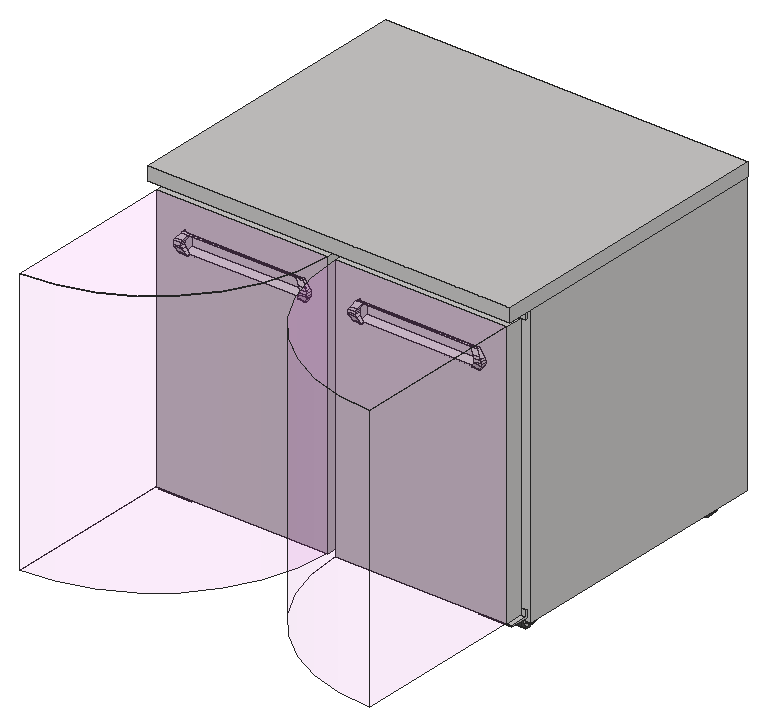
Revit family "Qf_Kelvinator_738331_KCHUC36R-32_2-Door_Under_Counter_Refrigerator_36_Long_32.5_Tall", category Specialty Equipment, Revit 2021
Family settings
  Round Connector Dimension = Use Diameter
  Part Type = Normal
  Work Plane-Based = No
  Always vertical = Yes
  Cut with Voids When Loaded = No
  Shared = No
  Room Calculation Point = No
Parameters
  Weight in Pounds = 174.165
  Watts = if(Phase = 3, Volts * FL Amps * 1.73, Volts * FL Amps)  # 230 W
  Volts = 115 V
  URL Cutsheet = ""
  Specification by User = ""
  Specification by Manufacturer = ""
  Show Clearance [instance] = yes
  Serial Number = ""
  Seismic Rating = ""
  SMACNA No = ""
  Revision Code = ""
  Refrigerant Type = "R600a"
  Phase = 1
  Number of Poles = 1
  NAFEM Spec ID Number = ""
  Model = "738331 (KCHUC36R-32)"
  Min Ckt Ampacity = 0 A
  Max Overcurrent Protection = 0 A
  Masterspec = ""
  Manufacturer = "Kelvinator Commercial"
  Length = 36 7/16"
  Item Number = "738331"
  Installed By = ""
  Identify Quantity as Lot = yes
  Height = 32 1/16"
  HP = "1/10"
  Furnished By = ""
  Foodservice Equipment Identifier = yes
  FL Amps = 2 A
  Electrical Remarks = ""
  Electric Connection Type = ""
  Elec Conn RI Height = 0"
  Elec Conn Connection Height = 0"
  Description = "2-Door Under Counter Refrigerator 36\" Long 32.5\" Tall"
  Depth = 29 15/16"
  Default Elevation = 0"
  Cycle = 60 Hz
  Conn Plug = "5-15P"
  Conn Conduit = yes
  CSI MasterFormat = ""
  Apparent Power = if(Phase = 3, Volts * FL Amps * 1.73, Volts * FL Amps)  # 230 VA
Reference planes (in)
  plane 1 "BACK": y = 0
  plane 2: z = 0
  plane 3 "LEFT": x = 0
  plane 4 "RIGHT": x = 36.41732
  plane 5 "FRONT": y = -29.92126
  plane 6 "TOP": z = 32.0625
  plane 7 "Center Y": x = 18.20866
  plane 8 "Center X": y = -14.96063
  plane 9 "Base Height": z = 2.3622
  plane 10: x = 36.4375
  plane 11: y = -29.9375
  plane 12: z = 32.0625
Forms (in)
  Extrusion 1, solid, material "QF_Metal - Stainless - Polished"
    sketch origin (0, 0, 32.0625) x (-1, 0, 0) y (0, -1, 0)
      loop
        line (0, 0) -> (0, 29.9375) -> (-36.4375, 29.9375) -> (-36.4375, 0) -> (0, 0)
    from 0 to -1.37795
  Extrusion 2, solid, material "QF_Metal - Stainless - Polished"
    sketch origin (36.4375, 0, 32.0625) x (0, -1, 0) y (0, 0, -1)
      loop
        line (0, 1.37795) -> (27.19734, 1.37795) -> (27.19734, 29.72441) -> (11.81102, 29.72441) -> (11.81102, 20.19685) -> (0, 20.19685) -> (0, 1.37795)
    from -2.30315 to -34.11417
  Extrusion 3, solid, material "QF_Metal - Stainless - Polished"
    sketch origin (0, 0, 0) x (1, 0, 0) y (0, 0, 1)
      loop
        line (2.30315, 2.3622) -> (2.30315, 30.68455) -> (0.09843, 30.68455) -> (0.09843, 2.3622) -> (2.30315, 2.3622)
      loop
        line (36.3189, 30.68455) -> (34.11417, 30.68455) -> (34.11417, 2.3622) -> (36.3189, 2.3622) -> (36.3189, 30.68455)
    from 0 to 27.1811
  Extrusion 4, solid, material "QF_Metal - Stainless - Polished"
    sketch origin (0, 0, 0) x (0, 1, 0) y (0, 0, 1)
      loop
        arc (-27.1811, 30.18848) -> (-27.23876, 30.32768) -> (-27.37795, 30.38533) r 0.19685
        line (-27.37795, 30.38533) -> (-29.08661, 30.38533) -> (-29.08661, 30.26722) -> (-27.29921, 30.26722) -> (-27.29921, 29.6373) -> (-27.1811, 29.6373) -> (-27.1811, 30.18848)
    from 0.45276 to 3.75984
  Extrusion 5, solid, material "QF_Metal - Stainless - Polished"
    sketch origin (0, -27.1811, 0) x (1, 0, 0) y (0, 0, 1)
      loop
        line (17.81496, 29.93652) -> (0.61024, 29.93652) -> (0.61024, 3.16929) -> (17.81496, 3.16929) -> (17.81496, 29.93652)
      loop
        line (18.60236, 29.93652) -> (18.60236, 3.16929) -> (35.80709, 3.16929) -> (35.80709, 29.93652) -> (18.60236, 29.93652)
    from 0.61024 to 2.3937
  Revolve 6, solid, material "QF_Metal - Stainless - Polished"
    sketch origin (1.20079, -180, 31.37695) x (0, 0, 1) y (0, -1, 0)
      loop
        line (-1.44043, -151.31693) -> (-1.44043, -151.45472) -> (-0.99161, -151.45472)
        arc (-0.99161, -151.45472) -> (-0.95643, -151.44015) -> (-0.94186, -151.40497) r 0.04975
        line (-0.94186, -151.40497) -> (-0.94186, -151.31693) -> (-1.44043, -151.31693)
      axis (-0.94186, -151.31693) -> (-1.44043, -151.31693)
    angle from 0 to 360
  Extrusion 7, solid, material "QF_Metal - Stainless - Polished"
    sketch origin (36.41732, 0, 0) x (0, 1, 0) y (0, 0, -1)
      loop
        line (-27.1811, -30.18848) -> (-27.1811, -29.6373) -> (-27.29921, -29.6373) -> (-27.29921, -30.26722) -> (-29.08661, -30.26722) -> (-29.08661, -30.38533) -> (-27.37795, -30.38533)
        arc (-27.37795, -30.38533) -> (-27.23876, -30.32768) -> (-27.1811, -30.18848) r 0.19685
    from 0.45276 to 3.75984
  Revolve 8, solid, material "QF_Metal - Stainless - Polished"
    sketch origin (35.21654, -180, 31.37695) x (0, 0, 1) y (0, 1, 0)
      loop
        line (-1.44043, 151.31693) -> (-0.94186, 151.31693) -> (-0.94186, 151.40497)
        arc (-0.94186, 151.40497) -> (-0.95643, 151.44015) -> (-0.99161, 151.45472) r 0.04975
        line (-0.99161, 151.45472) -> (-1.44043, 151.45472) -> (-1.44043, 151.31693)
      axis (-0.94186, 151.31693) -> (-1.44043, 151.31693)
    angle from 0 to 360
  Extrusion 9, solid, material "QF_Metal - Stainless - Polished"
    sketch origin (0, 0, 33.12992) x (0, 1, 0) y (0, 0, 1)
      loop
        line (-27.1811, -30.2126) -> (-27.1811, -29.66142) -> (-27.29921, -29.66142) -> (-27.29921, -30.29134) -> (-29.08661, -30.29134) -> (-29.08661, -30.40945) -> (-27.37795, -30.40945)
        arc (-27.37795, -30.40945) -> (-27.23876, -30.35179) -> (-27.1811, -30.2126) r 0.19685
    from 0.45276 to 3.75984
  Revolve 10, solid, material "QF_Metal - Stainless - Polished"
    sketch origin (1.20079, -180, 1.75298) x (0, 0, -1) y (0, 1, 0)
      loop
        line (-1.41632, 151.31693) -> (-0.91774, 151.31693) -> (-0.91774, 151.40497)
        arc (-0.91774, 151.40497) -> (-0.93232, 151.44015) -> (-0.9675, 151.45472) r 0.04975
        line (-0.9675, 151.45472) -> (-1.41632, 151.45472) -> (-1.41632, 151.31693)
      axis (-0.91774, 151.31693) -> (-1.41632, 151.31693)
    angle from 0 to 360
  Extrusion 11, solid, material "QF_Metal - Stainless - Polished"
    sketch origin (36.41732, 0, 33.12992) x (0, 1, 0) y (0, 0, -1)
      loop
        arc (-27.1811, 30.2126) -> (-27.23876, 30.35179) -> (-27.37795, 30.40945) r 0.19685
        line (-27.37795, 30.40945) -> (-29.08661, 30.40945) -> (-29.08661, 30.29134) -> (-27.29921, 30.29134) -> (-27.29921, 29.66142) -> (-27.1811, 29.66142) -> (-27.1811, 30.2126)
    from 0.45276 to 3.75984
  Revolve 12, solid, material "QF_Metal - Stainless - Polished"
    sketch origin (35.21654, -180, 1.75298) x (0, 0, -1) y (0, -1, 0)
      loop
        line (-1.41632, -151.31693) -> (-1.41632, -151.45472) -> (-0.9675, -151.45472)
        arc (-0.9675, -151.45472) -> (-0.93232, -151.44015) -> (-0.91774, -151.40497) r 0.04975
        line (-0.91774, -151.40497) -> (-0.91774, -151.31693) -> (-1.41632, -151.31693)
      axis (-0.91774, -151.31693) -> (-1.41632, -151.31693)
    angle from 0 to 360
  Extrusion 13, void
    sketch origin (0.61024, -27.1811, 3.16929) x (0, 0, 1) y (0, 1, 0)
      loop
        line (24.02707, -2.3937) -> (24.64805, -2.10413) -> (24.64805, -1.51358) -> (22.3486, -1.51358) -> (22.11277, -2.3937) -> (22.11277, -2.89858) -> (24.02707, -2.89858) -> (24.02707, -2.3937)
    from -2.84232 to -14.79941
  Extrusion 14, solid, material "QF_Metal - Stainless - Polished"
    sketch origin (0.61024, -27.1811, 3.16929) x (0, 0, 1) y (0, 1, 0)
      loop
        arc (23.19749, -2.88583) -> (23.3123, -2.87427) -> (23.4225, -2.84005) r 0.57588
        line (23.4225, -2.84005) -> (23.98155, -2.60275)
        arc (23.98155, -2.60275) -> (24.01481, -2.5711) -> (24.02707, -2.52684) r 0.08605
        line (24.02707, -2.52684) -> (24.02707, -2.3937) -> (22.05856, -2.3937) -> (22.05856, -2.52684)
        arc (22.05856, -2.52684) -> (22.07082, -2.5711) -> (22.10408, -2.60275) r 0.08605
        line (22.10408, -2.60275) -> (22.66311, -2.84004)
        arc (22.66311, -2.84004) -> (22.77333, -2.87426) -> (22.88816, -2.88583) r 0.57598
        line (22.88816, -2.88583) -> (23.19749, -2.88583)
    from -2.08661 to -15.55512
  Extrusion 15, void
    sketch origin (0, -29.5748, 0) x (1, 0, 0) y (0, 0, 1)
      loop
        arc (3.06002, 25.27474) -> (3.09731, 25.24033) -> (3.1465, 25.22785) r 0.10321
        line (3.1465, 25.22785) -> (3.87833, 25.22785)
        arc (3.87833, 25.22785) -> (3.90778, 25.24539) -> (3.9064, 25.27963) r 0.0335
        line (3.9064, 25.27963) -> (3.54363, 25.83666)
        arc (3.54363, 25.83666) -> (3.47581, 25.98342) -> (3.45256, 26.14341) r 0.5621
        line (3.45256, 26.14341) -> (3.45256, 26.26603)
        arc (3.45256, 26.26603) -> (3.46785, 26.36539) -> (3.51232, 26.45557) r 0.33045
        line (3.51232, 26.45557) -> (3.92503, 27.04498)
        arc (3.92503, 27.04498) -> (3.99539, 27.10668) -> (4.08628, 27.12892) r 0.19685
        line (4.08628, 27.12892) -> (14.77592, 27.12892)
        arc (14.77592, 27.12892) -> (14.86682, 27.10668) -> (14.93717, 27.04498) r 0.19685
        line (14.93717, 27.04498) -> (15.34989, 26.45557)
        arc (15.34989, 26.45557) -> (15.39435, 26.36539) -> (15.40965, 26.26603) r 0.33045
        line (15.40965, 26.26603) -> (15.40965, 26.14341)
        arc (15.40965, 26.14341) -> (15.3864, 25.98342) -> (15.31857, 25.83666) r 0.5621
        line (15.31857, 25.83666) -> (14.95581, 25.27963)
        arc (14.95581, 25.27963) -> (14.95443, 25.24539) -> (14.98388, 25.22785) r 0.0335
        line (14.98388, 25.22785) -> (15.7157, 25.22785)
        arc (15.7157, 25.22785) -> (15.76489, 25.24033) -> (15.80219, 25.27474) r 0.10321
        line (15.80219, 25.27474) -> (16.09437, 25.7234)
        arc (16.09437, 25.7234) -> (16.1442, 25.83769) -> (16.15402, 25.96198) r 0.37698
        line (16.15402, 25.96198) -> (16.13067, 26.22889)
        arc (16.13067, 26.22889) -> (16.11058, 26.31948) -> (16.06774, 26.40178) r 0.35543
        line (16.06774, 26.40178) -> (15.56744, 27.11628)
        arc (15.56744, 27.11628) -> (15.50032, 27.17514) -> (15.41361, 27.19636) r 0.1878
        line (15.41361, 27.19636) -> (3.4486, 27.19636)
        arc (3.4486, 27.19636) -> (3.36188, 27.17514) -> (3.29476, 27.11627) r 0.1878
        line (3.29476, 27.11627) -> (2.79447, 26.40178)
        arc (2.79447, 26.40178) -> (2.75162, 26.31948) -> (2.73154, 26.22889) r 0.35543
        line (2.73154, 26.22889) -> (2.70819, 25.96198)
        arc (2.70819, 25.96198) -> (2.71801, 25.83769) -> (2.76783, 25.7234) r 0.37698
        line (2.76783, 25.7234) -> (3.06002, 25.27474)
      loop
        line (2.34034, 27.68437) -> (2.34034, 24.80641) -> (16.50464, 24.80641) -> (16.50464, 27.68437) -> (2.34034, 27.68437)
      loop
        line (33.3573, 25.27474) -> (33.64949, 25.7234)
        arc (33.64949, 25.7234) -> (33.69931, 25.83769) -> (33.70914, 25.96198) r 0.37698
        line (33.70914, 25.96198) -> (33.68578, 26.22889)
        arc (33.68578, 26.22889) -> (33.6657, 26.31948) -> (33.62286, 26.40178) r 0.35543
        line (33.62286, 26.40178) -> (33.12256, 27.11627)
        arc (33.12256, 27.11627) -> (33.05544, 27.17514) -> (32.96872, 27.19636) r 0.1878
        line (32.96872, 27.19636) -> (21.00371, 27.19636)
        arc (21.00371, 27.19636) -> (20.917, 27.17514) -> (20.84988, 27.11628) r 0.1878
        line (20.84988, 27.11628) -> (20.34958, 26.40178)
        arc (20.34958, 26.40178) -> (20.30674, 26.31948) -> (20.28666, 26.22889) r 0.35543
        line (20.28666, 26.22889) -> (20.26331, 25.96198)
        arc (20.26331, 25.96198) -> (20.27313, 25.83769) -> (20.32295, 25.7234) r 0.37698
        line (20.32295, 25.7234) -> (20.61514, 25.27474)
        arc (20.61514, 25.27474) -> (20.65243, 25.24033) -> (20.70162, 25.22785) r 0.10321
        line (20.70162, 25.22785) -> (21.43345, 25.22785)
        arc (21.43345, 25.22785) -> (21.46289, 25.24539) -> (21.46152, 25.27963) r 0.0335
        line (21.46152, 25.27963) -> (21.09875, 25.83666)
        arc (21.09875, 25.83666) -> (21.03093, 25.98342) -> (21.00768, 26.14341) r 0.5621
        line (21.00768, 26.14341) -> (21.00768, 26.26603)
        arc (21.00768, 26.26603) -> (21.02297, 26.36539) -> (21.06744, 26.45557) r 0.33045
        line (21.06744, 26.45557) -> (21.48015, 27.04498)
        arc (21.48015, 27.04498) -> (21.5505, 27.10668) -> (21.6414, 27.12892) r 0.19685
        line (21.6414, 27.12892) -> (32.33104, 27.12892)
        arc (32.33104, 27.12892) -> (32.42194, 27.10668) -> (32.49229, 27.04498) r 0.19685
        line (32.49229, 27.04498) -> (32.905, 26.45557)
        arc (32.905, 26.45557) -> (32.94947, 26.36539) -> (32.96477, 26.26603) r 0.33045
        line (32.96477, 26.26603) -> (32.96477, 26.14341)
        arc (32.96477, 26.14341) -> (32.94152, 25.98342) -> (32.87369, 25.83666) r 0.5621
        line (32.87369, 25.83666) -> (32.51093, 25.27963)
        arc (32.51093, 25.27963) -> (32.50955, 25.24539) -> (32.53899, 25.22785) r 0.0335
        line (32.53899, 25.22785) -> (33.27082, 25.22785)
        arc (33.27082, 25.22785) -> (33.32001, 25.24033) -> (33.3573, 25.27474) r 0.10321
      loop
        line (34.07698, 27.68437) -> (19.91268, 27.68437) -> (19.91268, 24.80641) -> (34.07698, 24.80641) -> (34.07698, 27.68437)
    from 0 to 0.84096
  Extrusion 16, void
    sketch origin (35.80709, -27.1811, 30.40945) x (0, 0, 1) y (0, -1, 0)
      loop
        line (-3.21309, 2.3937) -> (-3.21309, 2.89858) -> (-5.12739, 2.89858) -> (-5.12739, 2.3937) -> (-4.89156, 1.51358) -> (-2.59211, 1.51358) -> (-2.59211, 2.10413) -> (-3.21309, 2.3937)
    from -2.84232 to -14.79941
  Extrusion 17, solid, material "QF_Metal - Stainless - Polished"
    sketch origin (35.80709, -27.1811, 3.16929) x (0, 0, 1) y (0, -1, 0)
      loop
        line (23.98155, 2.60275) -> (23.4225, 2.84005)
        arc (23.4225, 2.84005) -> (23.3123, 2.87427) -> (23.19749, 2.88583) r 0.57588
        line (23.19749, 2.88583) -> (22.88816, 2.88583)
        arc (22.88816, 2.88583) -> (22.77333, 2.87426) -> (22.66311, 2.84004) r 0.57598
        line (22.66311, 2.84004) -> (22.10408, 2.60275)
        arc (22.10408, 2.60275) -> (22.07082, 2.5711) -> (22.05856, 2.52684) r 0.08605
        line (22.05856, 2.52684) -> (22.05856, 2.3937) -> (24.02707, 2.3937) -> (24.02707, 2.52684)
        arc (24.02707, 2.52684) -> (24.01481, 2.5711) -> (23.98155, 2.60275) r 0.08605
    from -2.08661 to -15.55512
  Extrusion 18, solid, material "QF_Metal - Stainless - Polished"
    sketch origin (0.09843, 0, 2.3622) x (0, 0, 1) y (0, 1, 0)
      loop
        line (0, -11.81102) -> (0, 0) -> (-0.70866, 0) -> (-0.70866, -0.31496) -> (-0.64961, -0.31496) -> (-0.64961, -0.05906) -> (-0.05906, -0.05906) -> (-0.05906, -11.75197) -> (-0.64961, -11.75197) -> (-0.64961, -11.49606) -> (-0.70866, -11.49606) -> (-0.70866, -11.81102) -> (0, -11.81102)
    from -0.94882 to -35.27165
  Extrusion 19, solid, material "QF_Metal - Stainless - Polished"
    sketch origin (0, 0, 0) x (-1, 0, 0) y (0, 0, 1)
      loop
        line (-2.30315, 11.88976) -> (-34.11417, 11.88976) -> (-34.11417, 2.3622) -> (-2.30315, 2.3622) -> (-2.30315, 11.88976)
    from 0 to -0.0626
  Extrusion 20, solid, material "QF_Rubber - Black - Smooth"
    sketch origin (0, 0, 0) x (-1, 0, 0) y (0, 0, 1)
      loop
        circle (-32.48031, 10.77165) r 0.25
    from 0 to 0.0626
  Extrusion 21, solid, material "QF_Clearances_Door_Drawer", visible <- "Show Clearance"
    sketch origin (14.06858, -27.1811, 3.16929) x (0, -1, 0) y (-1, 0, 0)
      loop
        line (2.3937, -4.53378) -> (2.3937, -21.73851) -> (19.59843, -21.73851)
        arc (19.59843, -21.73851) -> (14.55928, -9.57293) -> (2.3937, -4.53378) r 17.20472
      loop
        arc (2.3937, -3.74638) -> (14.55928, 1.29277) -> (19.59843, 13.45834) r 17.20472
        line (19.59843, 13.45834) -> (2.3937, 13.45834) -> (2.3937, -3.74638)
    from 0 to -26.79134
  Extrusion 22, solid, material "QF_Rubber - Black - Smooth"
    sketch origin (0, -27.79134, 0) x (-1, 0, 0) y (0, 0, 1)
      loop
        line (-1.11024, 29.43652) -> (-17.31496, 29.43652) -> (-17.31496, 3.66929) -> (-1.11024, 3.66929) -> (-1.11024, 29.43652)
      loop
        line (-35.30709, 29.43652) -> (-35.30709, 3.66929) -> (-19.10236, 3.66929) -> (-19.10236, 29.43652) -> (-35.30709, 29.43652)
    from 0 to 0.61024
Cuts and joins
  joined: Extrusion 2, Extrusion 3
  Extrusion 13, Extrusion 16 cuts Extrusion 5
  Extrusion 15, Extrusion 16 cuts Extrusion 14
  Extrusion 15 cuts Extrusion 17
Lines and regions (in)
  symbolic lines
    curve 1: line (0, 0, 32.0625) -> (36.4375, 0, 32.0625)
    curve 2: line (0, -29.9375, 32.0625) -> (0, 0, 32.0625)
    curve 3: line (36.4375, -29.9375, 32.0625) -> (0, -29.9375, 32.0625)
    curve 4: line (36.4375, 0, 32.0625) -> (36.4375, -29.9375, 32.0625)
  symbolic lines, style "QF_Clearances_Door_Drawer", visible <- "Show Clearance"
    curve 5: line (35.17888, -29.9375, 32.0625) -> (20.90736, -38.17717, 32.0625)
    curve 6: arc (20.90736, -38.17717, 32.0625) -> (19.23646, -34.20264, 32.0625) -> (18.60619, -29.9375, 32.0625) r 17.20472
    curve 7: line (1.23845, -29.9375, 32.0625) -> (15.50996, -38.17717, 32.0625)
    curve 8: arc (15.50996, -38.17717, 32.0625) -> (17.18086, -34.20264, 32.0625) -> (17.81114, -29.9375, 32.0625) r 17.20472
Dimensions and locks (in)
  equal spacing: plane 3 "LEFT", plane 7 "Center Y", plane 4 "RIGHT"
  plane 3 "LEFT" to plane 4 "RIGHT" = 36.41732"
  equal spacing: plane 5 "FRONT", plane 8 "Center X", plane 1 "BACK"
  plane 5 "FRONT" to plane 1 "BACK" = 29.92126"
  plane 6 "TOP" to level = 32 1/16"
  plane 9 "Base Height" to level = 2.3622"
  plane 6 "TOP" to plane 9 "Base Height" = 29.7003"
  plane 3 "LEFT" to plane 10 = 36 7/16"
  plane 11 to plane 1 "BACK" = 29 15/16"
  plane 12 to level = 32 1/16"
  aligned and locked: level to plane 2
Automatic sketch dimensions
  plane 1 "BACK" to Extrusion 1 sketch curve = 0"
  Extrusion 1 sketch curve to plane 4 "RIGHT" = 0.02018"
  Extrusion 1 sketch curve to plane 3 "LEFT" = 0"
  plane 5 "FRONT" to Extrusion 1 sketch curve = 0.01624"
  Extrusion 2 sketch curve to Extrusion 1 = 0"  (x2)
  Extrusion 1 to Extrusion 2 sketch curve = 11.81102"
  Extrusion 1 to Extrusion 2 sketch curve = 2.74016"
  Extrusion 2 sketch curve to Extrusion 1 = 18.8189"
  Extrusion 2 sketch curve to Extrusion 2 sketch curve = 9.52756"
  Extrusion 3 sketch curve to plane 9 "Base Height" = 0"  (x2)
  plane 3 "LEFT" to Extrusion 3 sketch curve = 0.09843"
  Extrusion 3 sketch curve to Extrusion 3 sketch curve = 2.20472"
  plane 4 "RIGHT" to Extrusion 3 sketch curve = 2.30315"
  plane 4 "RIGHT" to Extrusion 3 sketch curve = 0.09843"
  Extrusion 3 sketch curve to plane 6 "TOP" = 1.37795"  (x2)
  Extrusion 4 sketch curve to plane 5 "FRONT" = 0.83465"
  Extrusion 4 sketch curve to Extrusion 4 sketch curve = 1.70866"
  Extrusion 4 sketch curve to Extrusion 4 sketch curve = 0.07874"
  Extrusion 4 sketch curve to Extrusion 4 sketch curve = 0.11811"  (x2)
  Extrusion 4 sketch curve to plane 6 "TOP" = 2.4252"
  Extrusion 4 sketch curve to Extrusion 4 sketch curve = 0.55118"
  Extrusion 5 sketch curve to Extrusion 3 = 0.51181"  (x2)
  Extrusion 5 sketch curve to Extrusion 3 = 0.74803"  (x2)
  Extrusion 3 to Extrusion 5 sketch curve = 15.51181"
  Extrusion 5 sketch curve to Extrusion 5 sketch curve = 0.7874"
  Extrusion 5 sketch curve to Extrusion 3 = 0.80709"
  Extrusion 5 sketch curve to Extrusion 5 sketch curve = 0"
  Revolve 6 sketch curve to plane 6 "TOP" = 2.12598"
  Revolve 6 sketch curve to Revolve 6 sketch curve = 0.44882"
  Revolve 6 sketch curve to Revolve 6 sketch curve = 0.04975"
  Revolve 6 sketch curve to plane 5 "FRONT" = 1.37598"
  Revolve 6 sketch curve to Revolve 6 sketch curve = 0.1378"
  Revolve 6 sketch curve to Revolve 6 sketch curve = 0.68421"
  Revolve 6 sketch curve to Revolve 6 sketch curve = 0"  (x2)
  Extrusion 7 sketch curve to plane 5 "FRONT" = 0.83465"
  Extrusion 7 sketch curve to Extrusion 7 sketch curve = 1.70866"
  Extrusion 7 sketch curve to Extrusion 7 sketch curve = 0.07874"  (x2)
  Extrusion 7 sketch curve to Extrusion 7 sketch curve = 0.11811"
  Extrusion 7 sketch curve to plane 6 "TOP" = 1.67717"
  Extrusion 7 sketch curve to Extrusion 7 sketch curve = 0.55118"
  Revolve 8 sketch curve to plane 6 "TOP" = 2.12598"
  Revolve 8 sketch curve to Revolve 8 sketch curve = 0.44882"
  Revolve 8 sketch curve to Revolve 8 sketch curve = 0.04975"
  Revolve 8 sketch curve to plane 5 "FRONT" = 1.23819"
  Revolve 8 sketch curve to Revolve 8 sketch curve = 0.08804"
  Revolve 8 sketch curve to Revolve 8 sketch curve = 0.68421"
  Revolve 8 sketch curve to Revolve 8 sketch curve = 0"  (x2)
  Extrusion 9 sketch curve to plane 5 "FRONT" = 0.83465"
  plane 9 "Base Height" to Extrusion 9 sketch curve = 0.35827"
  Extrusion 9 sketch curve to Extrusion 9 sketch curve = 1.70866"
  Extrusion 9 sketch curve to Extrusion 9 sketch curve = 0.07874"  (x2)
  Extrusion 9 sketch curve to Extrusion 9 sketch curve = 0.11811"
  Extrusion 9 sketch curve to Extrusion 9 sketch curve = 0.55118"
  plane 9 "Base Height" to Revolve 10 sketch curve = 0.80709"
  plane 9 "Base Height" to Revolve 10 sketch curve = 0.35827"
  Revolve 10 sketch curve to Revolve 10 sketch curve = 0.04975"
  Revolve 10 sketch curve to plane 5 "FRONT" = 1.23819"
  Revolve 10 sketch curve to Revolve 10 sketch curve = 0.08804"
  Revolve 10 sketch curve to Revolve 10 sketch curve = 0.68421"
  Revolve 10 sketch curve to Revolve 10 sketch curve = 0"  (x2)
  Extrusion 11 sketch curve to plane 5 "FRONT" = 0.83465"
  plane 9 "Base Height" to Extrusion 11 sketch curve = 0.35827"
  Extrusion 11 sketch curve to Extrusion 11 sketch curve = 1.70866"
  Extrusion 11 sketch curve to Extrusion 11 sketch curve = 0.07874"
  Extrusion 11 sketch curve to Extrusion 11 sketch curve = 0.11811"  (x2)
  Extrusion 11 sketch curve to Extrusion 11 sketch curve = 0.55118"
  plane 9 "Base Height" to Revolve 12 sketch curve = 0.80709"
  plane 9 "Base Height" to Revolve 12 sketch curve = 0.35827"
  Revolve 12 sketch curve to Revolve 12 sketch curve = 0.04975"
  Revolve 12 sketch curve to plane 5 "FRONT" = 1.37598"
  Revolve 12 sketch curve to Revolve 12 sketch curve = 0.1378"
  Revolve 12 sketch curve to Revolve 12 sketch curve = 0.68421"
  Revolve 12 sketch curve to Revolve 12 sketch curve = 0"  (x2)
  Extrusion 13 sketch curve to Extrusion 5 = 0"  (x2)
  Extrusion 5 to Extrusion 13 sketch curve = 4.65445"
  Extrusion 13 sketch curve to Extrusion 13 sketch curve = 0.23583"
  Extrusion 13 sketch curve to Extrusion 13 sketch curve = 1.67847"
  Extrusion 5 to Extrusion 13 sketch curve = 0.28957"
  Extrusion 13 sketch curve to Extrusion 13 sketch curve = 0.62098"
  Extrusion 13 sketch curve to Extrusion 5 = 0.50488"
  Extrusion 13 sketch curve to Extrusion 13 sketch curve = 0.59055"
  Extrusion 14 sketch curve to Extrusion 5 = 0"
  Extrusion 14 sketch curve to Extrusion 5 = 0.13314"  (x2)
  Extrusion 5 to Extrusion 14 sketch curve = 4.70866"
  Extrusion 14 sketch curve to Extrusion 5 = 0.20905"  (x2)
  Extrusion 14 sketch curve to Extrusion 14 sketch curve = 0.04552"
  Extrusion 14 sketch curve to Extrusion 5 = 0.44634"
  Extrusion 14 sketch curve to Extrusion 14 sketch curve = 0.51849"
  Extrusion 14 sketch curve to Extrusion 14 sketch curve = 0.22505"
  Extrusion 14 sketch curve to Extrusion 14 sketch curve = 0.30933"
  Extrusion 14 sketch curve to Extrusion 5 = 0.44635"
  Extrusion 14 sketch curve to Extrusion 14 sketch curve = 0.22501"
  Extrusion 14 sketch curve to Extrusion 14 sketch curve = 0.51851"
  Extrusion 14 sketch curve to Extrusion 14 sketch curve = 0.04053"
  Extrusion 14 sketch curve to Extrusion 14 sketch curve = 0.04578"
  Extrusion 16 sketch curve to plane 5 "FRONT" = 0.34646"  (x2)
  Extrusion 16 sketch curve to plane 6 "TOP" = 6.78044"
  Extrusion 16 sketch curve to Extrusion 16 sketch curve = 0.23583"
  Extrusion 16 sketch curve to Extrusion 16 sketch curve = 1.67847"
  Extrusion 16 sketch curve to Extrusion 16 sketch curve = 0.62098"
  Extrusion 16 sketch curve to plane 5 "FRONT" = 0.63603"
  Extrusion 16 sketch curve to Extrusion 16 sketch curve = 0.88012"
  plane 5 "FRONT" to Extrusion 16 sketch curve = 0.15842"
  Extrusion 15 sketch curve to Extrusion 5 = 1.7301"
  Extrusion 15 sketch curve to Extrusion 15 sketch curve = 0.36785"
  Extrusion 15 sketch curve to Extrusion 15 sketch curve = 0.02335"  (x2)
  Extrusion 15 sketch curve to Extrusion 15 sketch curve = 0.05965"  (x4)
  Extrusion 15 sketch curve to Extrusion 15 sketch curve = 0.06293"  (x4)
  Extrusion 15 sketch curve to Extrusion 15 sketch curve = 0.29218"  (x2)
  Extrusion 15 sketch curve to Extrusion 15 sketch curve = 0.37554"  (x2)
  Extrusion 15 sketch curve to Extrusion 15 sketch curve = 0.00189"  (x4)
  Extrusion 15 sketch curve to Extrusion 15 sketch curve = 0.08648"  (x4)
  Extrusion 15 sketch curve to Extrusion 15 sketch curve = 0.5003"  (x2)
  Extrusion 15 sketch curve to Extrusion 15 sketch curve = 0.15384"  (x2)
  Extrusion 15 sketch curve to Extrusion 15 sketch curve = 0.36694"  (x4)
  Extrusion 15 sketch curve to Extrusion 15 sketch curve = 0.05976"  (x4)
  Extrusion 15 sketch curve to Extrusion 15 sketch curve = 0.09108"  (x2)
  Extrusion 15 sketch curve to Extrusion 15 sketch curve = 0.33045"
  Extrusion 15 sketch curve to Extrusion 15 sketch curve = 0.3347"  (x2)
  Extrusion 15 sketch curve to Extrusion 15 sketch curve = 0.02807"  (x4)
  Extrusion 15 sketch curve to Extrusion 15 sketch curve = 0.47643"  (x2)
  Extrusion 15 sketch curve to Extrusion 15 sketch curve = 0.23164"  (x4)
  Extrusion 15 sketch curve to Extrusion 15 sketch curve = 0.16125"  (x4)
  Extrusion 15 sketch curve to Extrusion 5 = 3.03904"
  Extrusion 15 sketch curve to Extrusion 15 sketch curve = 0.07163"  (x2)
  Extrusion 15 sketch curve to Extrusion 15 sketch curve = 0.10826"  (x2)
  Extrusion 15 sketch curve to Extrusion 15 sketch curve = 0.23938"  (x2)
  Extrusion 15 sketch curve to Extrusion 15 sketch curve = 0.27069"  (x3)
  Extrusion 15 sketch curve to Extrusion 15 sketch curve = 0.47644"  (x2)
  Extrusion 15 sketch curve to Extrusion 15 sketch curve = 0.15383"  (x2)
  Extrusion 15 sketch curve to Extrusion 15 sketch curve = 0.39713"  (x2)
  Extrusion 15 sketch curve to Extrusion 15 sketch curve = 0.29115"  (x2)
  Extrusion 15 sketch curve to Extrusion 15 sketch curve = 0.3159"  (x2)
  Extrusion 15 sketch curve to Extrusion 15 sketch curve = 0.9372"
  Extrusion 15 sketch curve to Extrusion 5 = 1.31032"
  Extrusion 15 sketch curve to Extrusion 15 sketch curve = 0.35062"
  Extrusion 15 sketch curve to Extrusion 5 = 3.47605"
  Extrusion 15 sketch curve to Extrusion 15 sketch curve = 0.71968"
  Extrusion 15 sketch curve to Extrusion 5 = 5.13011"  (x2)
  Extrusion 15 sketch curve to Extrusion 15 sketch curve = 0.42145"  (x4)
  Extrusion 15 sketch curve to Extrusion 15 sketch curve = 0.0335"  (x4)
  Extrusion 15 sketch curve to Extrusion 15 sketch curve = 3/64"  (x4)
  Extrusion 15 sketch curve to Extrusion 15 sketch curve = 0.44866"  (x4)
  Extrusion 15 sketch curve to Extrusion 15 sketch curve = 0.5056"  (x4)
  Extrusion 15 sketch curve to Extrusion 15 sketch curve = 0.20572"  (x4)
  Extrusion 15 sketch curve to Extrusion 15 sketch curve = 0.26879"  (x4)
  Extrusion 15 sketch curve to Extrusion 15 sketch curve = 0.26691"  (x4)
  Extrusion 15 sketch curve to Extrusion 15 sketch curve = 0.12262"  (x4)
  Extrusion 15 sketch curve to Extrusion 15 sketch curve = 0.66605"  (x4)
  Extrusion 15 sketch curve to Extrusion 15 sketch curve = 0.55299"  (x2)
  Extrusion 15 sketch curve to Extrusion 15 sketch curve = 0.553"  (x2)
  Extrusion 15 sketch curve to Extrusion 15 sketch curve = 0.11291"  (x2)
  Extrusion 15 sketch curve to Extrusion 15 sketch curve = 0.10772"  (x2)
  Extrusion 15 sketch curve to Extrusion 15 sketch curve = 0.56809"  (x2)
  Extrusion 17 sketch curve to Extrusion 5 = 0"
  Extrusion 17 sketch curve to Extrusion 5 = 4.70866"
  Extrusion 17 sketch curve to Extrusion 5 = 0.20905"  (x2)
  Extrusion 17 sketch curve to Extrusion 17 sketch curve = 0.04552"
  Extrusion 17 sketch curve to Extrusion 17 sketch curve = 0.04053"  (x2)
  Extrusion 17 sketch curve to Extrusion 5 = 0.44634"
  Extrusion 17 sketch curve to Extrusion 17 sketch curve = 0.51849"
  Extrusion 17 sketch curve to Extrusion 17 sketch curve = 0.22505"
  Extrusion 5 to Extrusion 17 sketch curve = 0.08375"
  Extrusion 17 sketch curve to Extrusion 17 sketch curve = 0.30933"
  Extrusion 17 sketch curve to Extrusion 5 = 0.44635"
  Extrusion 17 sketch curve to Extrusion 17 sketch curve = 0.22501"
  Extrusion 17 sketch curve to Extrusion 5 = 0.13314"
  Extrusion 17 sketch curve to Extrusion 17 sketch curve = 0.51851"
  Extrusion 18 sketch curve to Extrusion 3 = 0"  (x2)
  Extrusion 18 sketch curve to Extrusion 3 = 0.05906"
  Extrusion 18 sketch curve to Extrusion 18 sketch curve = 0.59055"  (x2)
  Extrusion 3 to Extrusion 18 sketch curve = 0.05906"
  Extrusion 18 sketch curve to Extrusion 18 sketch curve = 0.05906"  (x3)
  Extrusion 18 sketch curve to Extrusion 18 sketch curve = 0.25591"  (x2)
  Extrusion 18 sketch curve to Extrusion 18 sketch curve = 11.1811"
  Extrusion 3 to Extrusion 19 sketch curve = 0"
  Extrusion 19 sketch curve to Extrusion 3 = 0"  (x2)
  Extrusion 19 sketch curve to Extrusion 3 = 9.52756"
  Extrusion 20 sketch curve to Extrusion 19 = 1.63386"
  Extrusion 20 sketch curve to Extrusion 19 = 1.11811"
  Extrusion 5 to Extrusion 21 sketch curve = 0"
  Extrusion 21 sketch curve to Extrusion 5 = 0"  (x3)
  Extrusion 5 to Extrusion 21 sketch curve = 17.20472"
  Extrusion 21 sketch curve to Extrusion 21 sketch curve = 0.7874"
  Extrusion 22 sketch curve to Extrusion 5 = 1/2"  (x8)
  plane 1 "BACK" to curve 1 = 0"
  curve 1 to plane 4 "RIGHT" = 0.02018"
  plane 5 "FRONT" to curve 5 = 0.01624"
  curve 2 to plane 3 "LEFT" = 0"
  plane 4 "RIGHT" to curve 6 = 0.61024"
  plane 7 "Center Y" to curve 5 = 2.6987"
  curve 7 to plane 7 "Center Y" = 2.6987"
  plane 3 "LEFT" to curve 8 = 0.61024"
  curve 6 to plane 5 "FRONT" = 0.34646"
  curve 8 to plane 5 "FRONT" = 0.34646"
  plane 5 "FRONT" to curve 5 = 8.25591"
  curve 7 to curve 5 = 0"
  curve 6 to curve 5 = 0.62821"
  curve 7 to curve 8 = 0.62821"
  radius of Extrusion 20 sketch curve = 1/4"
Nested families (in)
  nested 1: "2 INCHES_CASTER" at (33.44094, -2.16535, 0), type "2 INCHES_CASTER"
    with Type Mark "", Specification by User "", Revision Code "", Item Number "", Installed By "", Identify Quantity as Lot yes, Furnished By "", Foodservice Equipment Identifier yes, 2.5 Inches Caster yes
  nested 2: "2 INCHES_CASTER" at (33.44094, -25.01575, 0), type "2 INCHES_CASTER"
    with Type Mark "", Specification by User "", Revision Code "", Item Number "", Installed By "", Identify Quantity as Lot yes, Furnished By "", Foodservice Equipment Identifier yes, 2.5 Inches Caster yes
  nested 3: "2 INCHES_CASTER" at (2.97638, -2.16535, 0), type "2 INCHES_CASTER"
    with Type Mark "", Specification by User "", Revision Code "", Item Number "", Installed By "", Identify Quantity as Lot yes, Furnished By "", Foodservice Equipment Identifier yes, 2.5 Inches Caster yes
  nested 4: "2 INCHES_CASTER" at (2.97638, -25.01575, 0), type "2 INCHES_CASTER"
    with Type Mark "", Specification by User "", Revision Code "", Item Number "", Installed By "", Identify Quantity as Lot yes, Furnished By "", Foodservice Equipment Identifier yes, 2.5 Inches Caster yes
Connectors (in)
  electrical at (32.48031, 0.0626, 10.77165), driven by "Volts"
    settings: on Extrusion 20, index 1, voltage 115 V, apparent load 0 VA, apparent load phase1 0 VA, apparent load phase2 0 VA, apparent load phase3 0 VA, power factor 1, load classification "Other", number of poles 1, system type 30, power factor state 1, is connector primary yes, connector utility no, sub classification motor no, connector description "Electrical Connection"
Definition of nested family "2 INCHES_CASTER"
  Parameters (values of type "2 INCHES_CASTER")
    Weight = ""
    URL Manufacturer = ""
    URL Cutsheet = ""
    URL = ""
    Type Mark [instance] = ""
    Specification by User [instance] = ""
    Specification by Manufacturer = ""
    Serial Number = ""
    Seismic Rating = ""
    SMACNA No = ""
    Revision Code [instance] = ""
    Omniclass Number and Title = ""
    NAFEM Spec ID Number = ""
    Model = ""
    MasterSpec. = ""
    Manufacturer = ""
    Item Number [instance] = ""
    Installed By [instance] = ""
    Identify Quantity as Lot [instance] = yes
    Furnished By [instance] = ""
    Foodservice Equipment Identifier [instance] = yes
    Description = ""
    Default Elevation = 0"
    CSI MasterFormat = ""
    CSI Master Format = ""
    Assembly Code = ""
    2.5 Inches Caster [instance] = yes
  Reference planes (in)
    plane 1: z = 0
    plane 2 "RIGHT": x = 0
    plane 3 "FRONT": y = 0
    plane 4 "TOP": z = 2.30315
  Forms (in)
    Revolve 1, solid, visible <- "2.5 Inches Caster"
      sketch origin (-1.93794, 0.46818, -1.0041) x (1, 0, 0) y (0, 0, 1)
        loop
          line (0.74055, 1.86347) -> (0.74055, 1.78797) -> (0.79055, 1.73797) -> (0.85055, 1.73797) -> (0.85055, 1.6179) -> (1.235, 1.6179) -> (1.235, 1.55055) -> (1.38673, 1.46295) -> (1.4003, 1.3791) -> (1.34375, 1.3791) -> (1.34375, 1.2541) -> (1.375, 1.2541) -> (1.375, 1.0041) -> (2.48438, 1.0041) -> (2.48438, 1.2541) -> (2.51563, 1.2541) -> (2.51563, 1.3791) -> (2.45908, 1.3791) -> (2.47322, 1.46647) -> (2.62438, 1.55374) -> (2.62438, 1.6179) -> (3.04007, 1.6179) -> (3.04007, 1.73797) -> (3.10007, 1.73797) -> (3.15007, 1.78797) -> (3.15007, 1.86347) -> (0.74055, 1.86347)
        axis (0.74055, 1.86347) -> (3.15007, 1.86347)
      angle from 0 to 360
    Extrusion 2, solid, visible <- "2.5 Inches Caster"
      sketch origin (-1.93794, 1.43296, -3.41527) x (0, 1, 0) y (0, 0, 1)
        loop
          line (-0.64294, 5.3791) -> (-2.21294, 5.3791) -> (-2.21294, 5.24769) -> (-1.37414, 5.24769)
          arc (-1.37414, 5.24769) -> (-0.62115, 5.15851) -> (0.05138, 4.80832) r 2.10495
          line (0.05138, 4.80832) -> (0.12713, 4.91318)
          arc (0.12713, 4.91318) -> (-0.07255, 5.06376) -> (-0.29048, 5.18644) r 1.8753
          line (-0.29048, 5.18644) -> (-0.22239, 5.30423)
          arc (-0.22239, 5.30423) -> (-0.42936, 5.36024) -> (-0.64294, 5.3791) r 1.21859
      from 1.17357 to 2.70231
    Revolve 3, solid, visible <- "2.5 Inches Caster"
      sketch origin (0, 1.73858, -3.75) x (0, 1, 0) y (0, 0, 1)
        loop
          line (-1.73858, 5.71382) -> (-1.05793, 5.71382) -> (-1.05793, 6.05315) -> (-1.73858, 6.05315) -> (-1.73858, 5.71382)
        axis (-1.73858, 5.71382) -> (-1.73858, 6.05315)
      angle from 0 to 360
    Extrusion 4, solid, visible <- "2.5 Inches Caster"
      sketch origin (-1.98481, 1.43296, -1.7541) x (0, 1, 0) y (0, 0, 1)
        loop
          line (-2.21294, 3.71792) -> (-2.21294, 3.58652) -> (-1.94904, 3.58652)
          arc (-1.94904, 3.58652) -> (-1.56115, 3.28048) -> (-1.39241, 2.81612) r 0.90292
          arc (-1.39241, 2.81612) -> (-1.36136, 2.62044) -> (-1.29729, 2.43295) r 1.15385
          arc (-1.29729, 2.43295) -> (-0.94802, 2.21237) -> (-0.6121, 2.45278) r 0.37001
          arc (-0.6121, 2.45278) -> (-0.59625, 2.50123) -> (-0.58446, 2.55082) r 0.61695
          arc (-0.58446, 2.55082) -> (-0.36134, 2.95548) -> (0.05609, 3.15367) r 0.75313
          line (0.05609, 3.15367) -> (0.12713, 3.252)
          arc (0.12713, 3.252) -> (-0.07255, 3.40259) -> (-0.29048, 3.52526) r 1.8753
          line (-0.29048, 3.52526) -> (-0.22239, 3.64306)
          arc (-0.22239, 3.64306) -> (-0.42936, 3.69906) -> (-0.64294, 3.71792) r 1.21859
          line (-0.64294, 3.71792) -> (-2.21294, 3.71792)
      from 2.74918 to 2.90825
    Extrusion 5, solid, visible <- "2.5 Inches Caster"
      sketch origin (1.98481, 1.43296, -1.7541) x (0, 1, 0) y (0, 0, -1)
        loop
          arc (-0.58446, -2.55082) -> (-0.59625, -2.50123) -> (-0.6121, -2.45278) r 0.61695
          arc (-0.6121, -2.45278) -> (-0.94802, -2.21237) -> (-1.29729, -2.43295) r 0.37001
          arc (-1.29729, -2.43295) -> (-1.36136, -2.62044) -> (-1.39241, -2.81612) r 1.15385
          arc (-1.39241, -2.81612) -> (-1.56115, -3.28048) -> (-1.94904, -3.58652) r 0.90292
          line (-1.94904, -3.58652) -> (-2.21294, -3.58652) -> (-2.21294, -3.71792) -> (-0.64294, -3.71792)
          arc (-0.64294, -3.71792) -> (-0.42936, -3.69906) -> (-0.22239, -3.64306) r 1.21859
          line (-0.22239, -3.64306) -> (-0.29048, -3.52526)
          arc (-0.29048, -3.52526) -> (-0.07255, -3.40259) -> (0.12713, -3.252) r 1.8753
          line (0.12713, -3.252) -> (0.05609, -3.15367)
          arc (0.05609, -3.15367) -> (-0.36134, -2.95548) -> (-0.58446, -2.55082) r 0.75313
      from 2.74918 to 2.90825
  Lines and regions (in)
    symbolic lines, visible <- "2.5 Inches Caster"
      curve 1: line (0.10651, 1.59133, 0) -> (0.80944, 1.1855, 0)
      curve 2: line (-0.89349, -0.14072, 0) -> (0.10651, 1.59133, 0)
      curve 3: line (-0.19056, -0.54656, 0) -> (-0.89349, -0.14072, 0)
      curve 4: line (0.80944, 1.1855, 0) -> (-0.19056, -0.54656, 0)
  Dimensions and locks (in)
    plane 4 "TOP" to level = 2.30315"  (x2)
    aligned and locked: level to plane 1
